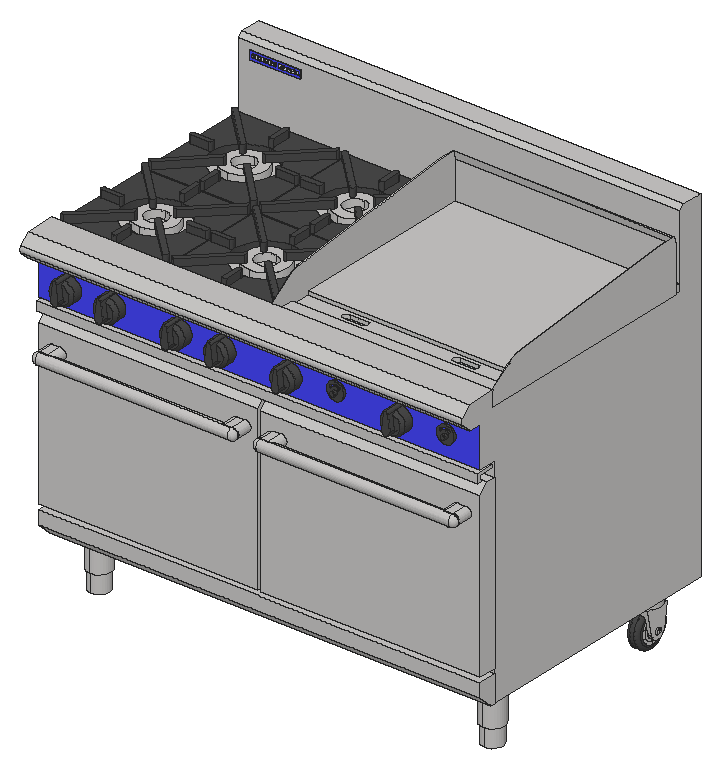
Revit family "QF_MOFFAT_BLUESEAL_CE_G528B", category Specialty Equipment, Revit 2012
Parameters
  Width = 1200 mm
  Weight in Pounds = 664  # constant formula
  URL Cutsheet = "www.moffat.com"
  URL = "www.moffat.com"
  Type Mark [instance] = ""
  Status [instance] = ""
  Specification by User [instance] = ""
  Specification by Manufacturer = ""
  Show Logo [instance] = yes
  Show Clearance [instance] = yes
  Show Casters [instance] = yes
  Serial Number = ""
  Seismic Rating = ""
  SMACNA No = ""
  Revision Code [instance] = ""
  Omniclass Number and Title = ""
  NAFEM Spec ID Number = ""
  Model = "G528B"
  Mechanical Remarks = ""
  Mechanical Connection Type [instance] = ""
  Masterspec = ""
  Manufacturer = "MOFFAT BLUESEAL"
  Legs [instance] = not(Show Casters)  # no
  Item Number [instance] = ""
  Installed By [instance] = ""
  Identify Quantity as Lot [instance] = yes
  Height = 970 mm
  Gas Size = 3/4"
  Gas RI Height [instance] = 0 mm
  Gas KW [instance] = 53.2
  Gas Input [instance] = 181500.0 Btu/h
  Gas Connection Height = 0 mm
  Furnished By [instance] = ""
  Foodservice Equipment Identifier [instance] = yes
  Description = "1200MM GAS RANGE WITH DOUBLE STATIC OVENS"
  Depth = 812 mm
  CSI MasterFormat = ""
  CSI Master Format = ""
  Body Finish = QF_Finishes_Stainless Steel
Reference planes
  plane 1 "BACK": y = 0
  plane 2: z = 0
  plane 3 "LEFT": x = 0
  plane 4 "RIGHT": x = 1200
  plane 5 "FRONT": y = -812
  plane 6 "TOP": z = 970
  plane 7 "Center Y": x = 600
  plane 8 "Center X": y = -406
  plane 9: y = -805
  plane 10: y = -32
  plane 11: z = 655
  plane 12: z = 1085
  plane 13: y = -100
  plane 14: y = -625
  plane 15: x = 1134.5
  plane 16: x = 65.5
Forms (mm)
  Extrusion 1, solid, material "QF_Finishes_Stainless Steel" <- "Body Finish"
    sketch origin (0, 0, 0) x (0, 1, 0) y (0, 0, 1)
      loop
        line (0, 150) -> (0, 1085) -> (-57.5, 1085) -> (-70, 1072.5) -> (-70, 875) -> (-705, 875) -> (-705, 915) -> (-783.97, 915) -> (-808.485, 890.485)
        arc (-808.485, 890.485) -> (-811.999, 882) -> (-808.485, 873.515) r 12
        line (-808.485, 873.515) -> (-784.97, 850) -> (-749, 850) -> (-749, 740) -> (-699, 740) -> (-699, 150) -> (0, 150)
      loop
        line (-756, 710) -> (-747.224, 710) -> (-749.613, 726.999) -> (-707.93, 726.999) -> (-707.93, 734.003) -> (-756, 734.003) -> (-756, 710)
      loop
        line (-749, 186) -> (-713, 150) -> (-700, 150) -> (-700, 222.5) -> (-749, 222.5) -> (-749, 186)
    from 0 to 1200
  Extrusion 2, solid, material "QF_Finishes_Stainless Steel"
    sketch origin (0, 0, 0) x (0, 1, 0) y (0, 0, 1)
      loop
        line (-749, 676) -> (-749, 235) -> (-700, 235) -> (-700, 700) -> (-725, 700) -> (-749, 676)
    from 0 to 1200
  Revolve 3, solid, material "QF_Finishes_Stainless Steel" <- "Body Finish"
    sketch origin (1134.5, -696.126, 0) x (0, 1, 0) y (0, 0, -1)
      loop
        line (39.376, -150) -> (71.126, -150) -> (71.126, 0) -> (43.626, 0) -> (43.626, -50) -> (39.376, -50) -> (39.376, -150)
      axis (71.126, -150) -> (71.126, 0)
    angle from 0 to 360
  Revolve 4, solid, material "QF_Finishes_Stainless Steel" <- "Body Finish"
    sketch origin (65.5, -696.126, 0) x (0, 1, 0) y (0, 0, 1)
      loop
        line (39.376, 150) -> (39.376, 50) -> (43.626, 50) -> (43.626, 0) -> (71.126, 0) -> (71.126, 150) -> (39.376, 150)
      axis (71.126, 150) -> (71.126, 0)
    angle from 0 to 360
  Extrusion 5, solid, material "QF_Finishes_Stainless Steel"
    sketch origin (-64.5, 0, 325) x (1, 0, 0) y (0, 1, 0)
      loop
        circle (1134.5, -34) r 10
    from 330 to 374.856
  Revolve 6, solid, material "QF_Finishes_Black"
    sketch origin (90.337, 45.874, -0.078) x (0, 1, 0) y (0, 0, -1)
      loop
        line (-827.874, -829.5) -> (-804.874, -829.5) -> (-804.874, -802) -> (-794.874, -802) -> (-794.874, -797) -> (-838.874, -797) -> (-838.874, -823.651) -> (-827.874, -829.5)
      axis (-838.874, -797) -> (-794.874, -797)
    angle from 0 to 360
  Revolve 7, solid, material "QF_Finishes_Black"
    sketch origin (210.649, 45.874, -0.078) x (0, 1, 0) y (0, 0, -1)
      loop
        line (-827.874, -829.5) -> (-804.874, -829.5) -> (-804.874, -802) -> (-794.874, -802) -> (-794.874, -797) -> (-838.874, -797) -> (-838.874, -823.651) -> (-827.874, -829.5)
      axis (-838.874, -797) -> (-794.874, -797)
    angle from 0 to 360
  Extrusion 8, solid, material "QF_Finishes_Black"
    sketch origin (238.144, 0, -0.078) x (-1, 0, 0) y (0, 0, -1)
      loop
        line (137.724, -786.273) -> (143.145, -829.191)
        arc (143.145, -829.191) -> (148.144, -834.078) -> (153.142, -829.191) r 5
        line (153.142, -829.191) -> (158.631, -785.106)
        arc (158.631, -785.106) -> (147.559, -774.607) -> (137.724, -786.273) r 10.487
    from 759 to 808
  Extrusion 9, void
    sketch origin (0, -756, 676) x (0, 0, 1) y (1, 0, 0)
      loop
        line (24, 595.449) -> (24, 604.551) -> (-453.5, 604.551) -> (-453.5, 595.449) -> (24, 595.449)
    from 0 to 51
  Revolve 10, solid, material "QF_Finishes_Black"
    sketch origin (390.649, 45.874, -0.078) x (0, 1, 0) y (0, 0, -1)
      loop
        line (-827.874, -829.5) -> (-804.874, -829.5) -> (-804.874, -802) -> (-794.874, -802) -> (-794.874, -797) -> (-838.874, -797) -> (-838.874, -823.651) -> (-827.874, -829.5)
      axis (-838.874, -797) -> (-794.874, -797)
    angle from 0 to 360
  Revolve 11, solid, material "QF_Finishes_Black"
    sketch origin (510.625, 45.874, -0.078) x (0, 1, 0) y (0, 0, -1)
      loop
        line (-827.874, -829.5) -> (-804.874, -829.5) -> (-804.874, -802) -> (-794.874, -802) -> (-794.874, -797) -> (-838.874, -797) -> (-838.874, -823.651) -> (-827.874, -829.5)
      axis (-838.874, -797) -> (-794.874, -797)
    angle from 0 to 360
  Revolve 12, solid, material "QF_Finishes_Black"
    sketch origin (690.649, 45.874, -0.078) x (0, 1, 0) y (0, 0, -1)
      loop
        line (-827.874, -829.5) -> (-804.874, -829.5) -> (-804.874, -802) -> (-794.874, -802) -> (-794.874, -797) -> (-838.874, -797) -> (-838.874, -823.651) -> (-827.874, -829.5)
      axis (-838.874, -797) -> (-794.874, -797)
    angle from 0 to 360
  Revolve 13, solid, material "QF_Finishes_Black"
    sketch origin (990.649, 45.874, -0.078) x (0, 1, 0) y (0, 0, -1)
      loop
        line (-827.874, -829.5) -> (-804.874, -829.5) -> (-804.874, -802) -> (-794.874, -802) -> (-794.874, -797) -> (-838.874, -797) -> (-838.874, -823.651) -> (-827.874, -829.5)
      axis (-838.874, -797) -> (-794.874, -797)
    angle from 0 to 360
  Extrusion 14, solid, material "QF_Door-Drawer Clearances", visible <- "Show Clearance", detail levels coarse
    sketch origin (762.865, 0, 0) x (0, 1, 0) y (0, 0, 1)
      loop
        arc (-756, 697.347) -> (-1088.232, 559.732) -> (-1225.847, 227.5) r 469.847
        line (-1225.847, 227.5) -> (-756, 227.5) -> (-756, 697.347)
    from -167.415 to -762.865
  Extrusion 15, solid, material "QF_Door-Drawer Clearances", visible <- "Show Clearance", detail levels coarse
    sketch origin (437.135, 0, 0) x (0, 1, 0) y (0, 0, -1)
      loop
        line (-756, -697.347) -> (-756, -227.5) -> (-1225.847, -227.5)
        arc (-1225.847, -227.5) -> (-1088.232, -559.732) -> (-756, -697.347) r 469.847
    from -167.415 to -762.865
  Extrusion 16, void
    sketch origin (0, 0, 150) x (-1, 0, 0) y (0, -1, 0)
      loop
        line (-1133.988, 87.26) -> (-1133.988, -30.24) -> (-1004.488, -30.24) -> (-1004.488, 38.76) -> (-1052.988, 87.26) -> (-1133.988, 87.26)
    from 72.5 to 549.856
  Extrusion 17, solid, material "QF_Finishes_Stainless Steel"
    sketch origin (0, -749, 227.5) x (0, 0, 1) y (-1, 0, 0)
      loop
        line (380.625, -38.246) -> (380.625, -58.528)
        arc (380.625, -58.528) -> (395.625, -73.528) -> (410.625, -58.528) r 15
        line (410.625, -58.528) -> (410.625, -38.246)
        arc (410.625, -38.246) -> (395.625, -23.246) -> (380.625, -38.246) r 15
      loop
        arc (380.625, -560.539) -> (395.625, -575.539) -> (410.625, -560.539) r 15
        line (410.625, -560.539) -> (410.625, -540.257)
        arc (410.625, -540.257) -> (395.625, -525.257) -> (380.625, -540.257) r 15
        line (380.625, -540.257) -> (380.625, -560.539)
    from 0 to 44
  Revolve 18, solid, material "QF_Finishes_Stainless Steel"
    sketch origin (0, -793, 0) x (1, 0, 0) y (0, 0, 1)
      loop
        arc (575.852, 623.125) -> (571.458, 633.732) -> (560.852, 638.125) r 15
        line (560.852, 638.125) -> (38.246, 638.125)
        arc (38.246, 638.125) -> (27.64, 633.732) -> (23.246, 623.125) r 15
        line (23.246, 623.125) -> (575.852, 623.125)
      axis (575.852, 623.125) -> (23.246, 623.125)
    angle from 0 to 360
  Extrusion 19, solid, material "QF_Finishes_Stainless Steel"
    sketch origin (600, -749, 227.5) x (0, 0, 1) y (-1, 0, 0)
      loop
        line (380.625, -38.246) -> (380.625, -58.528)
        arc (380.625, -58.528) -> (395.625, -73.528) -> (410.625, -58.528) r 15
        line (410.625, -58.528) -> (410.625, -38.246)
        arc (410.625, -38.246) -> (395.625, -23.246) -> (380.625, -38.246) r 15
      loop
        arc (380.625, -560.539) -> (395.625, -575.539) -> (410.625, -560.539) r 15
        line (410.625, -560.539) -> (410.625, -540.257)
        arc (410.625, -540.257) -> (395.625, -525.257) -> (380.625, -540.257) r 15
        line (380.625, -540.257) -> (380.625, -560.539)
    from 0 to 44
  Revolve 20, solid, material "QF_Finishes_Stainless Steel"
    sketch origin (600, -793, 0) x (1, 0, 0) y (0, 0, 1)
      loop
        arc (575.852, 623.125) -> (571.458, 633.732) -> (560.852, 638.125) r 15
        line (560.852, 638.125) -> (38.246, 638.125)
        arc (38.246, 638.125) -> (27.64, 633.732) -> (23.246, 623.125) r 15
        line (23.246, 623.125) -> (575.852, 623.125)
      axis (575.852, 623.125) -> (23.246, 623.125)
    angle from 0 to 360
  Revolve 21, solid, material "QF_Finishes_Stainless Steel", visible <- "Legs"
    sketch origin (65.5, -166, 0) x (0, 1, 0) y (0, 0, 1)
      loop
        line (34.25, 150) -> (34.25, 50) -> (38.5, 50) -> (38.5, 0) -> (66, 0) -> (66, 150) -> (34.25, 150)
      axis (66, 150) -> (66, 0)
    angle from 0 to 360
  Revolve 22, solid, material "QF_Finishes_Stainless Steel", visible <- "Show Casters"
    sketch origin (16.276, -100.755, -12.8) x (1, 0, 0) y (0, 0, 1)
      loop
        line (14.841, 63.604) -> (83.584, 63.604) -> (83.584, 67.109) -> (82.314, 68.379) -> (80.79, 68.379) -> (80.79, 71.826) -> (68.644, 71.826) -> (68.644, 81.79) -> (65.088, 83.843) -> (63.738, 92.179) -> (65.881, 92.179) -> (65.881, 98.529) -> (65.088, 98.529) -> (65.088, 104.879)
        arc (65.088, 104.879) -> (62.298, 111.614) -> (55.563, 114.404) r 9.525
        line (55.563, 114.404) -> (42.863, 114.404)
        arc (42.863, 114.404) -> (36.127, 111.614) -> (33.338, 104.879) r 9.525
        line (33.338, 104.879) -> (33.338, 98.529) -> (32.544, 98.529) -> (32.544, 92.179) -> (34.687, 92.179) -> (33.352, 83.932) -> (29.782, 81.871) -> (29.782, 71.826) -> (17.635, 71.826) -> (17.635, 68.379) -> (16.111, 68.379) -> (14.841, 67.109) -> (14.841, 63.604)
      axis (14.841, 63.604) -> (83.584, 63.604)
    angle from 0 to 360
  Extrusion 23, solid, material "QF_Finishes_Stainless Steel", visible <- "Show Casters"
    sketch origin (72.001, 132.353, -8.783) x (0, 1, 0) y (0, 0, 1)
      loop
        line (-200.603, 118.783) -> (-264.103, 118.783) -> (-251.746, 53.895)
        arc (-251.746, 53.895) -> (-232.353, 38.783) -> (-212.959, 53.895) r 20
        line (-212.959, 53.895) -> (-200.603, 118.783)
    from -35.667 to 22.923
  Revolve 24, solid, material "QF_Finishes_Stainless Steel", visible <- "Show Casters"
    sketch origin (65.5, -204, 0) x (0, 1, 0) y (0, 0, 1)
      loop
        line (68.25, 150) -> (68.25, 110) -> (104, 110) -> (104, 150) -> (68.25, 150)
      axis (104, 150) -> (104, 110)
    angle from 0 to 360
  Revolve 25, solid, material "QF_Finishes_Stainless Steel", visible <- "Legs"
    sketch origin (65.5, -166, 0) x (0, 1, 0) y (0, 0, 1)
      loop
        line (34.25, 150) -> (34.25, 50) -> (38.5, 50) -> (38.5, 0) -> (66, 0) -> (66, 150) -> (34.25, 150)
      axis (66, 150) -> (66, 0)
    angle from 0 to 360
  Revolve 26, solid, material "QF_Finishes_Stainless Steel", visible <- "Legs"
    sketch origin (1134.5, -166, 0) x (0, 1, 0) y (0, 0, -1)
      loop
        line (34.25, -150) -> (66, -150) -> (66, 0) -> (38.5, 0) -> (38.5, -50) -> (34.25, -50) -> (34.25, -150)
      axis (66, -150) -> (66, 0)
    angle from 0 to 360
  Revolve 27, solid, material "QF_Finishes_Stainless Steel", visible <- "Show Casters"
    sketch origin (1183.724, -100.755, -12.8) x (-1, 0, 0) y (0, 0, -1)
      loop
        line (14.841, -63.604) -> (14.841, -67.109) -> (16.111, -68.379) -> (17.635, -68.379) -> (17.635, -71.826) -> (29.782, -71.826) -> (29.782, -81.871) -> (33.352, -83.932) -> (34.687, -92.179) -> (32.544, -92.179) -> (32.544, -98.529) -> (33.338, -98.529) -> (33.338, -104.879)
        arc (33.338, -104.879) -> (36.127, -111.614) -> (42.863, -114.404) r 9.525
        line (42.863, -114.404) -> (55.563, -114.404)
        arc (55.563, -114.404) -> (62.298, -111.614) -> (65.088, -104.879) r 9.525
        line (65.088, -104.879) -> (65.088, -98.529) -> (65.881, -98.529) -> (65.881, -92.179) -> (63.738, -92.179) -> (65.088, -83.843) -> (68.644, -81.79) -> (68.644, -71.826) -> (80.79, -71.826) -> (80.79, -68.379) -> (82.314, -68.379) -> (83.584, -67.109) -> (83.584, -63.604) -> (14.841, -63.604)
      axis (14.841, -63.604) -> (83.584, -63.604)
    angle from 0 to 360
  Extrusion 28, solid, material "QF_Finishes_Stainless Steel", visible <- "Show Casters"
    sketch origin (1127.999, 132.353, -8.783) x (0, 1, 0) y (0, 0, -1)
      loop
        line (-200.603, -118.783) -> (-212.959, -53.895)
        arc (-212.959, -53.895) -> (-232.353, -38.783) -> (-251.746, -53.895) r 20
        line (-251.746, -53.895) -> (-264.103, -118.783) -> (-200.603, -118.783)
    from -35.667 to 22.923
  Revolve 29, solid, material "QF_Finishes_Stainless Steel", visible <- "Show Casters"
    sketch origin (1134.5, -204, 0) x (0, 1, 0) y (0, 0, -1)
      loop
        line (68.25, -150) -> (104, -150) -> (104, -110) -> (68.25, -110) -> (68.25, -150)
      axis (104, -150) -> (104, -110)
    angle from 0 to 360
  Revolve 30, solid, material "QF_Finishes_Stainless Steel", visible <- "Legs"
    sketch origin (1134.5, -166, 0) x (0, 1, 0) y (0, 0, -1)
      loop
        line (34.25, -150) -> (66, -150) -> (66, 0) -> (38.5, 0) -> (38.5, -50) -> (34.25, -50) -> (34.25, -150)
      axis (66, -150) -> (66, 0)
    angle from 0 to 360
  Extrusion 31, solid, material "QF_Finishes_Black"
    sketch origin (358.456, 0, -0.078) x (-1, 0, 0) y (0, 0, -1)
      loop
        line (137.724, -786.273) -> (143.145, -829.191)
        arc (143.145, -829.191) -> (148.144, -834.078) -> (153.142, -829.191) r 5
        line (153.142, -829.191) -> (158.631, -785.106)
        arc (158.631, -785.106) -> (147.559, -774.607) -> (137.724, -786.273) r 10.487
    from 759 to 808
  Extrusion 32, solid, material "QF_Finishes_Black"
    sketch origin (538.456, 0, -0.078) x (-1, 0, 0) y (0, 0, -1)
      loop
        line (137.724, -786.273) -> (143.145, -829.191)
        arc (143.145, -829.191) -> (148.144, -834.078) -> (153.142, -829.191) r 5
        line (153.142, -829.191) -> (158.631, -785.106)
        arc (158.631, -785.106) -> (147.559, -774.607) -> (137.724, -786.273) r 10.487
    from 759 to 808
  Extrusion 33, solid, material "QF_Finishes_Black"
    sketch origin (658.432, 0, -0.078) x (-1, 0, 0) y (0, 0, -1)
      loop
        line (137.724, -786.273) -> (143.145, -829.191)
        arc (143.145, -829.191) -> (148.144, -834.078) -> (153.142, -829.191) r 5
        line (153.142, -829.191) -> (158.631, -785.106)
        arc (158.631, -785.106) -> (147.559, -774.607) -> (137.724, -786.273) r 10.487
    from 759 to 808
  Extrusion 34, solid, material "QF_Finishes_Black"
    sketch origin (838.456, 0, -0.078) x (-1, 0, 0) y (0, 0, -1)
      loop
        line (137.724, -786.273) -> (143.145, -829.191)
        arc (143.145, -829.191) -> (148.144, -834.078) -> (153.142, -829.191) r 5
        line (153.142, -829.191) -> (158.631, -785.106)
        arc (158.631, -785.106) -> (147.559, -774.607) -> (137.724, -786.273) r 10.487
    from 759 to 808
  Extrusion 35, solid, material "QF_Finishes_Black"
    sketch origin (1138.456, 0, -0.078) x (-1, 0, 0) y (0, 0, -1)
      loop
        line (137.724, -786.273) -> (143.145, -829.191)
        arc (143.145, -829.191) -> (148.144, -834.078) -> (153.142, -829.191) r 5
        line (153.142, -829.191) -> (158.631, -785.106)
        arc (158.631, -785.106) -> (147.559, -774.607) -> (137.724, -786.273) r 10.487
    from 759 to 808
  Extrusion 36, solid, material "QF_Finishes_Black"
    sketch origin (0, -749, 850) x (0, 0, -1) y (1, 0, 0)
      loop
        circle (53, 810) r 23.9
      loop
        circle (53, 1110) r 23.9
      loop
        arc (45.641, 1118.419) -> (46.501, 1123.219) -> (41.701, 1124.079) r 3.448
        arc (41.701, 1124.079) -> (35.116, 1109.341) -> (42.919, 1095.209) r 18.095
        arc (42.919, 1095.209) -> (47.641, 1096.491) -> (46.326, 1101.204) r 3.448
        arc (46.326, 1101.204) -> (42.758, 1109.683) -> (45.641, 1118.419) r 13.109
      loop
        arc (45.641, 818.419) -> (46.501, 823.219) -> (41.701, 824.079) r 3.448
        arc (41.701, 824.079) -> (35.116, 809.341) -> (42.919, 795.209) r 18.095
        arc (42.919, 795.209) -> (47.641, 796.491) -> (46.326, 801.204) r 3.448
        arc (46.326, 801.204) -> (42.758, 809.683) -> (45.641, 818.419) r 13.109
    from 0 to 5
  Extrusion 37, solid, material "QF_Finishes_Black"
    sketch origin (0, -754, 850) x (0, 0, -1) y (1, 0, 0)
      loop
        circle (56.5, 810) r 5.75
      loop
        circle (56.5, 1110) r 5.75
    from 0 to 10
Cuts and joins
  Extrusion 9, Extrusion 16 cuts Extrusion 1
  Extrusion 9 cuts Extrusion 2
Lines and regions (mm)
  Split face 1
    outline origin (1200, 0, 1085) x (-1, 0, 0) y (0, -1, 0)
      loop
        arc (35.206, 45.385) -> (26.545, 40.385) -> (26.545, 30.385) r 10
        line (26.545, 30.385) -> (30.587, 23.385)
        arc (30.587, 23.385) -> (34.247, 19.725) -> (39.247, 18.385) r 10
        line (39.247, 18.385) -> (267.206, 18.385)
        arc (267.206, 18.385) -> (275.866, 23.385) -> (275.866, 33.385) r 10
        line (275.866, 33.385) -> (271.824, 40.385)
        arc (271.824, 40.385) -> (268.164, 44.045) -> (263.164, 45.385) r 10
        line (263.164, 45.385) -> (35.206, 45.385)
  Split face 2
    outline origin (1200, 0, 1085) x (-1, 0, 0) y (0, -1, 0)
      loop
        arc (335.206, 45.385) -> (326.545, 40.385) -> (326.545, 30.385) r 10
        line (326.545, 30.385) -> (330.587, 23.385)
        arc (330.587, 23.385) -> (334.247, 19.725) -> (339.247, 18.385) r 10
        line (339.247, 18.385) -> (567.206, 18.385)
        arc (567.206, 18.385) -> (575.866, 23.385) -> (575.866, 33.385) r 10
        line (575.866, 33.385) -> (571.824, 40.385)
        arc (571.824, 40.385) -> (568.164, 44.045) -> (563.164, 45.385) r 10
        line (563.164, 45.385) -> (335.206, 45.385)
  Split face 3
    outline origin (1200, 0, 1085) x (-1, 0, 0) y (0, -1, 0)
      loop
        arc (635.206, 45.385) -> (626.545, 40.385) -> (626.545, 30.385) r 10
        line (626.545, 30.385) -> (630.587, 23.385)
        arc (630.587, 23.385) -> (634.247, 19.725) -> (639.247, 18.385) r 10
        line (639.247, 18.385) -> (867.206, 18.385)
        arc (867.206, 18.385) -> (875.866, 23.385) -> (875.866, 33.385) r 10
        line (875.866, 33.385) -> (871.824, 40.385)
        arc (871.824, 40.385) -> (868.164, 44.045) -> (863.164, 45.385) r 10
        line (863.164, 45.385) -> (635.206, 45.385)
  Split face 4
    outline origin (1200, 0, 1085) x (-1, 0, 0) y (0, -1, 0)
      loop
        arc (935.206, 45.385) -> (926.545, 40.385) -> (926.545, 30.385) r 10
        line (926.545, 30.385) -> (930.587, 23.385)
        arc (930.587, 23.385) -> (934.247, 19.725) -> (939.247, 18.385) r 10
        line (939.247, 18.385) -> (1167.206, 18.385)
        arc (1167.206, 18.385) -> (1175.866, 23.385) -> (1175.866, 33.385) r 10
        line (1175.866, 33.385) -> (1171.824, 40.385)
        arc (1171.824, 40.385) -> (1168.164, 44.045) -> (1163.164, 45.385) r 10
        line (1163.164, 45.385) -> (935.206, 45.385)
  symbolic lines, style "QF_Door-Drawer Clearances", visible <- "Show Clearance"
    curve 1: line (0, -1225.847, 0) -> (595.449, -1225.847, 0)
    curve 2: line (595.449, -1225.847, 0) -> (595.449, -812, 0)
    curve 3: line (0, -1225.847, 0) -> (0, -812, 0)
    curve 4: line (1200, -1225.847, 0) -> (604.551, -1225.847, 0)
    curve 5: line (604.551, -1225.847, 0) -> (604.551, -812, 0)
    curve 6: line (1200, -1225.847, 0) -> (1200, -812, 0)
  symbolic lines, style "SpecialityEquipmentHiddenLines", visible <- "Show Casters"
    curve 7: line (78.456, -46.735, 0) -> (105.952, -62.61, 0)
    curve 8: line (27.656, -134.723, 0) -> (78.456, -46.735, 0)
    curve 9: line (55.152, -150.598, 0) -> (27.656, -134.723, 0)
    curve 10: line (105.952, -62.61, 0) -> (55.152, -150.598, 0)
    curve 11: line (1125.152, -150.598, 0) -> (1097.656, -134.723, 0)
    curve 12: line (1175.952, -62.61, 0) -> (1125.152, -150.598, 0)
    curve 13: line (1148.456, -46.735, 0) -> (1097.656, -134.723, 0)
    curve 14: line (1175.952, -62.61, 0) -> (1148.456, -46.735, 0)
  symbolic lines
    curve 15: line (32.794, -18.385, 0) -> (260.753, -18.385, 0)
    curve 16: arc (260.753, -18.385, 0) -> (265.753, -19.725, 0) -> (269.413, -23.385, 0) r 10
    curve 17: line (269.413, -23.385, 0) -> (273.455, -30.385, 0)
    curve 18: arc (273.455, -30.385, 0) -> (273.455, -40.385, 0) -> (264.794, -45.385, 0) r 10
    curve 19: line (264.794, -45.385, 0) -> (36.836, -45.385, 0)
    curve 20: arc (36.836, -45.385, 0) -> (31.836, -44.045, 0) -> (28.176, -40.385, 0) r 10
    curve 21: line (28.176, -40.385, 0) -> (24.134, -33.385, 0)
    curve 22: arc (24.134, -33.385, 0) -> (24.134, -23.385, 0) -> (32.794, -18.385, 0) r 10
    curve 23: line (332.794, -18.385, 0) -> (560.753, -18.385, 0)
    curve 24: arc (560.753, -18.385, 0) -> (565.753, -19.725, 0) -> (569.413, -23.385, 0) r 10
    curve 25: line (569.413, -23.385, 0) -> (573.455, -30.385, 0)
    curve 26: arc (573.455, -30.385, 0) -> (573.455, -40.385, 0) -> (564.794, -45.385, 0) r 10
    curve 27: line (564.794, -45.385, 0) -> (336.836, -45.385, 0)
    curve 28: arc (336.836, -45.385, 0) -> (331.836, -44.045, 0) -> (328.176, -40.385, 0) r 10
    curve 29: line (328.176, -40.385, 0) -> (324.134, -33.385, 0)
    curve 30: arc (324.134, -33.385, 0) -> (324.134, -23.385, 0) -> (332.794, -18.385, 0) r 10
    curve 31: line (860.753, -18.385, 0) -> (632.794, -18.385, 0)
    curve 32: arc (632.794, -18.385, 0) -> (624.134, -23.385, 0) -> (624.134, -33.385, 0) r 10
    curve 33: line (624.134, -33.385, 0) -> (628.176, -40.385, 0)
    curve 34: arc (628.176, -40.385, 0) -> (631.836, -44.045, 0) -> (636.836, -45.385, 0) r 10
    curve 35: line (636.836, -45.385, 0) -> (864.794, -45.385, 0)
    curve 36: arc (864.794, -45.385, 0) -> (873.455, -40.385, 0) -> (873.455, -30.385, 0) r 10
    curve 37: line (873.455, -30.385, 0) -> (869.413, -23.385, 0)
    curve 38: arc (869.413, -23.385, 0) -> (865.753, -19.725, 0) -> (860.753, -18.385, 0) r 10
    curve 39: line (1160.753, -18.385, 0) -> (932.794, -18.385, 0)
    curve 40: arc (932.794, -18.385, 0) -> (924.134, -23.385, 0) -> (924.134, -33.385, 0) r 10
    curve 41: line (924.134, -33.385, 0) -> (928.176, -40.385, 0)
    curve 42: arc (928.176, -40.385, 0) -> (931.836, -44.045, 0) -> (936.836, -45.385, 0) r 10
    curve 43: line (936.836, -45.385, 0) -> (1164.794, -45.385, 0)
    curve 44: arc (1164.794, -45.385, 0) -> (1173.455, -40.385, 0) -> (1173.455, -30.385, 0) r 10
    curve 45: line (1173.455, -30.385, 0) -> (1169.413, -23.385, 0)
    curve 46: arc (1169.413, -23.385, 0) -> (1165.753, -19.725, 0) -> (1160.753, -18.385, 0) r 10
    curve 47: line (0, -783.97, 0) -> (1200, -783.97, 0)
    curve 48: line (0, -812, 0) -> (1200, -812, 0)
    curve 49: line (1200, 0, 0) -> (0, 0, 0)
    curve 50: line (0, 0, 0) -> (0, -812, 0)
    curve 51: line (0, -57.5, 0) -> (1200, -57.5, 0)
    curve 52: line (0, -70, 0) -> (1200, -70, 0)
    curve 53: line (1200, -812, 0) -> (1200, 0, 0)
Dimensions and locks
  equal spacing: plane 3 "LEFT", plane 7 "Center Y", plane 4 "RIGHT"
  "Width": plane 3 "LEFT" to plane 4 "RIGHT"
  equal spacing: plane 5 "FRONT", plane 8 "Center X", plane 1 "BACK"
  "Depth": plane 5 "FRONT" to plane 1 "BACK"
  equal spacing: plane 4 "RIGHT", plane 7 "Center Y", plane 3 "LEFT"
  plane 4 "RIGHT" to plane 3 "LEFT" = 1200 mm
  "Height": plane 6 "TOP" to level
  plane 5 "FRONT" to plane 1 "BACK" = 812 mm
  plane 9 to plane 5 "FRONT" = 7 mm
  plane 6 "TOP" to plane 2 = 970 mm
  plane 12 to plane 2 = 1085 mm
  Extrusion 5 sketch curve to plane 4 "RIGHT" = 130 mm
  Extrusion 5 sketch curve to plane 1 "BACK" = 34 mm
  level to Extrusion 5 = 655 mm
  Revolve 22 sketch curve to Revolve 22 sketch curve = 50.8 mm
  Revolve 27 sketch curve to Revolve 27 sketch curve = 50.8 mm
  aligned and locked: level to plane 2
  aligned and locked: Extrusion 1 to plane 4 "RIGHT"
  aligned and locked: Extrusion 2 to plane 4 "RIGHT"
  aligned and locked: cut or joined group of Extrusion 2, Extrusion 9 to Extrusion 14
Automatic sketch dimensions
  Extrusion 1 sketch curve to plane 12 = 0 mm
  Extrusion 1 sketch curve to plane 1 "BACK" = 0 mm
  Extrusion 1 sketch curve to plane 10 = 25.5 mm
  plane 13 to Extrusion 1 sketch curve = 30 mm
  Extrusion 1 sketch curve to plane 14 = 74 mm
  Extrusion 1 sketch curve to Extrusion 1 sketch curve = 1 mm
  Extrusion 1 sketch curve to plane 14 = 80 mm
  Extrusion 1 sketch curve to Extrusion 1 sketch curve = 8.93 mm
  Extrusion 1 sketch curve to Extrusion 1 sketch curve = 13 mm
  Extrusion 1 sketch curve to Extrusion 1 sketch curve = 39.294 mm
  Extrusion 1 sketch curve to Extrusion 1 sketch curve = 36 mm  (x2)
  Extrusion 1 sketch curve to Extrusion 1 sketch curve = 44 mm
  Extrusion 1 sketch curve to Extrusion 1 sketch curve = 0.613 mm
  Extrusion 1 sketch curve to Extrusion 1 sketch curve = 8.776 mm
  plane 9 to Extrusion 1 sketch curve = 21.03 mm
  plane 9 to Extrusion 1 sketch curve = 20.03 mm
  plane 9 to Extrusion 1 sketch curve = 5.001 mm
  Extrusion 1 sketch curve to plane 9 = 3.485 mm  (x2)
  Extrusion 1 sketch curve to plane 12 = 12.5 mm
  Extrusion 1 sketch curve to plane 6 "TOP" = 55 mm
  Extrusion 1 sketch curve to Extrusion 1 sketch curve = 24.515 mm
  Extrusion 1 sketch curve to Extrusion 1 sketch curve = 8.485 mm
  Extrusion 1 sketch curve to Extrusion 1 sketch curve = 40 mm
  Extrusion 1 sketch curve to Extrusion 1 sketch curve = 25 mm
  plane 11 to Extrusion 1 sketch curve = 85 mm
  Extrusion 1 sketch curve to Extrusion 1 sketch curve = 5.997 mm
  Extrusion 1 sketch curve to Extrusion 1 sketch curve = 7.004 mm
  Extrusion 1 sketch curve to Extrusion 1 sketch curve = 16.999 mm
  level to Extrusion 1 sketch curve = 222.5 mm
  Extrusion 1 sketch curve to Extrusion 1 sketch curve = 36.5 mm
  Extrusion 1 sketch curve to Extrusion 1 sketch curve = 0 mm
  plane 11 to Extrusion 2 sketch curve = 21 mm
  plane 9 to Extrusion 2 sketch curve = 56 mm
  Extrusion 2 sketch curve to Extrusion 2 sketch curve = 24 mm  (x2)
  Extrusion 2 sketch curve to Extrusion 2 sketch curve = 25 mm
  level to Extrusion 2 sketch curve = 235 mm
  Revolve 3 sketch curve to level = 0 mm
  Revolve 3 sketch curve to plane 14 = 0 mm  (x2)
  Revolve 3 sketch curve to Revolve 3 sketch curve = 27.5 mm
  Revolve 3 sketch curve to Revolve 3 sketch curve = 31.75 mm
  level to Revolve 3 sketch curve = 50 mm
  Revolve 3 sketch curve to Revolve 3 sketch curve = 0 mm
  Revolve 3 sketch curve to Revolve 3 sketch curve = 100 mm
  Revolve 3 sketch curve to Revolve 3 sketch curve = 55 mm
  Revolve 4 sketch curve to level = 0 mm
  Revolve 4 sketch curve to plane 14 = 0 mm  (x2)
  Revolve 4 sketch curve to Revolve 4 sketch curve = 27.5 mm
  Revolve 4 sketch curve to Revolve 4 sketch curve = 31.75 mm
  Revolve 4 sketch curve to level = 55 mm
  Revolve 4 sketch curve to Revolve 4 sketch curve = 50 mm
  Revolve 4 sketch curve to Revolve 4 sketch curve = 0 mm
  Revolve 4 sketch curve to Revolve 4 sketch curve = 100 mm
  plane 9 to Revolve 6 sketch curve = 12 mm
  Revolve 6 sketch curve to Revolve 6 sketch curve = 0 mm  (x2)
  Revolve 6 sketch curve to Revolve 6 sketch curve = 11 mm
  Revolve 6 sketch curve to Revolve 6 sketch curve = 12.7 mm
  Revolve 6 sketch curve to Revolve 6 sketch curve = 23 mm
  Revolve 6 sketch curve to Revolve 6 sketch curve = 10 mm
  Revolve 6 sketch curve to plane 6 "TOP" = 140.578 mm
  Revolve 6 sketch curve to Revolve 6 sketch curve = 5.849 mm
  Revolve 6 sketch curve to Revolve 6 sketch curve = 27.5 mm
  Revolve 6 sketch curve to Revolve 6 sketch curve = 5 mm
  plane 9 to Revolve 7 sketch curve = 12 mm
  Revolve 7 sketch curve to Revolve 7 sketch curve = 0 mm  (x2)
  Revolve 7 sketch curve to Revolve 7 sketch curve = 11 mm
  Revolve 7 sketch curve to Revolve 7 sketch curve = 12.7 mm
  Revolve 7 sketch curve to Revolve 7 sketch curve = 23 mm
  Revolve 7 sketch curve to Revolve 7 sketch curve = 10 mm
  Revolve 7 sketch curve to plane 6 "TOP" = 140.578 mm
  Revolve 7 sketch curve to Revolve 7 sketch curve = 5.849 mm
  Revolve 7 sketch curve to Revolve 7 sketch curve = 27.5 mm
  Revolve 7 sketch curve to Revolve 7 sketch curve = 5 mm
  plane 16 to Extrusion 8 sketch curve = 34.919 mm
  plane 16 to Extrusion 8 sketch curve = 29.499 mm
  Extrusion 8 sketch curve to Extrusion 8 sketch curve = 10.419 mm
  Extrusion 8 sketch curve to Extrusion 8 sketch curve = 4.999 mm  (x2)
  Extrusion 8 sketch curve to Extrusion 8 sketch curve = 10.487 mm
  Extrusion 8 sketch curve to plane 6 "TOP" = 140.887 mm
  Extrusion 8 sketch curve to Extrusion 8 sketch curve = 0.113 mm
  Extrusion 8 sketch curve to Extrusion 8 sketch curve = 42.919 mm
  Extrusion 8 sketch curve to Extrusion 8 sketch curve = 1.167 mm
  plane 7 "Center Y" to Extrusion 9 sketch curve = 4.551 mm
  level to Extrusion 9 sketch curve = 222.5 mm
  plane 11 to Extrusion 9 sketch curve = 45 mm
  Extrusion 9 sketch curve to plane 7 "Center Y" = 4.551 mm
  plane 9 to Revolve 10 sketch curve = 12 mm
  Revolve 10 sketch curve to Revolve 10 sketch curve = 0 mm  (x2)
  Revolve 10 sketch curve to Revolve 10 sketch curve = 11 mm
  Revolve 10 sketch curve to Revolve 10 sketch curve = 12.7 mm
  Revolve 10 sketch curve to Revolve 10 sketch curve = 23 mm
  Revolve 10 sketch curve to Revolve 10 sketch curve = 10 mm
  Revolve 10 sketch curve to plane 6 "TOP" = 140.578 mm
  Revolve 10 sketch curve to Revolve 10 sketch curve = 5.849 mm
  Revolve 10 sketch curve to Revolve 10 sketch curve = 27.5 mm
  Revolve 10 sketch curve to Revolve 10 sketch curve = 5 mm
  plane 9 to Revolve 11 sketch curve = 12 mm
  Revolve 11 sketch curve to Revolve 11 sketch curve = 0 mm  (x2)
  Revolve 11 sketch curve to Revolve 11 sketch curve = 11 mm
  Revolve 11 sketch curve to Revolve 11 sketch curve = 12.7 mm
  Revolve 11 sketch curve to Revolve 11 sketch curve = 23 mm
  Revolve 11 sketch curve to Revolve 11 sketch curve = 10 mm
  Revolve 11 sketch curve to plane 6 "TOP" = 140.578 mm
  Revolve 11 sketch curve to Revolve 11 sketch curve = 5.849 mm
  Revolve 11 sketch curve to Revolve 11 sketch curve = 27.5 mm
  Revolve 11 sketch curve to Revolve 11 sketch curve = 5 mm
  plane 9 to Revolve 12 sketch curve = 12 mm
  Revolve 12 sketch curve to Revolve 12 sketch curve = 0 mm  (x2)
  Revolve 12 sketch curve to Revolve 12 sketch curve = 11 mm
  Revolve 12 sketch curve to Revolve 12 sketch curve = 12.7 mm
  Revolve 12 sketch curve to Revolve 12 sketch curve = 23 mm
  Revolve 12 sketch curve to Revolve 12 sketch curve = 10 mm
  Revolve 12 sketch curve to plane 6 "TOP" = 140.578 mm
  Revolve 12 sketch curve to Revolve 12 sketch curve = 5.849 mm
  Revolve 12 sketch curve to Revolve 12 sketch curve = 27.5 mm
  Revolve 12 sketch curve to Revolve 12 sketch curve = 5 mm
  plane 9 to Revolve 13 sketch curve = 12 mm
  Revolve 13 sketch curve to Revolve 13 sketch curve = 0 mm  (x2)
  Revolve 13 sketch curve to Revolve 13 sketch curve = 11 mm
  Revolve 13 sketch curve to Revolve 13 sketch curve = 12.7 mm
  Revolve 13 sketch curve to Revolve 13 sketch curve = 23 mm
  Revolve 13 sketch curve to Revolve 13 sketch curve = 10 mm
  Revolve 13 sketch curve to plane 6 "TOP" = 140.578 mm
  Revolve 13 sketch curve to Revolve 13 sketch curve = 5.849 mm
  Revolve 13 sketch curve to Revolve 13 sketch curve = 27.5 mm
  Revolve 13 sketch curve to Revolve 13 sketch curve = 5 mm
  plane 5 "FRONT" to Extrusion 14 sketch curve = 413.847 mm
  plane 9 to Extrusion 14 sketch curve = 49 mm
  level to Extrusion 14 sketch curve = 227.5 mm
  plane 5 "FRONT" to Extrusion 15 sketch curve = 413.847 mm
  plane 9 to Extrusion 15 sketch curve = 49 mm
  plane 11 to Extrusion 15 sketch curve = 42.347 mm
  Extrusion 16 sketch curve to plane 15 = 0.512 mm
  plane 13 to Extrusion 16 sketch curve = 12.74 mm
  Extrusion 16 sketch curve to Extrusion 16 sketch curve = 81 mm
  Extrusion 16 sketch curve to plane 10 = 6.76 mm
  Extrusion 16 sketch curve to Extrusion 16 sketch curve = 48.5 mm
  Extrusion 16 sketch curve to plane 1 "BACK" = 30.24 mm
  Extrusion 17 sketch curve to plane 16 = 6.972 mm
  Extrusion 17 sketch curve to plane 11 = 46.875 mm  (x2)
  Extrusion 17 sketch curve to Extrusion 17 sketch curve = 15 mm  (x2)
  Extrusion 17 sketch curve to plane 7 "Center Y" = 59.743 mm
  Extrusion 17 sketch curve to Extrusion 17 sketch curve = 20.282 mm  (x2)
  Revolve 18 sketch curve to plane 3 "LEFT" = 6.961 mm
  plane 3 "LEFT" to Revolve 18 sketch curve = 23.246 mm
  Revolve 18 sketch curve to plane 11 = 16.875 mm
  Revolve 18 sketch curve to Revolve 18 sketch curve = 15 mm
  Revolve 18 sketch curve to plane 7 "Center Y" = 39.148 mm
  Revolve 18 sketch curve to plane 7 "Center Y" = 11.961 mm
  Revolve 18 sketch curve to Revolve 18 sketch curve = 0 mm
  Extrusion 19 sketch curve to plane 11 = 46.875 mm  (x2)
  plane 15 to Extrusion 19 sketch curve = 5.757 mm
  Extrusion 19 sketch curve to Extrusion 19 sketch curve = 15 mm  (x2)
  Extrusion 19 sketch curve to Extrusion 19 sketch curve = 20.282 mm  (x2)
  plane 7 "Center Y" to Extrusion 19 sketch curve = 58.528 mm
  Revolve 20 sketch curve to plane 7 "Center Y" = 6.961 mm
  plane 7 "Center Y" to Revolve 20 sketch curve = 23.246 mm
  Revolve 20 sketch curve to plane 11 = 16.875 mm
  Revolve 20 sketch curve to Revolve 20 sketch curve = 15 mm
  plane 15 to Revolve 20 sketch curve = 26.352 mm
  plane 4 "RIGHT" to Revolve 20 sketch curve = 11.961 mm
  Revolve 20 sketch curve to Revolve 20 sketch curve = 0 mm
  Split face 1 sketch curve to cut or joined group of Extrusion 1, Extrusion 9, Extrusion 16 = 26.545 mm
  Split face 1 sketch curve to Split face 1 sketch curve = 4.041 mm  (x4)
  Split face 1 sketch curve to Split face 1 sketch curve = 8.66 mm  (x2)
  Split face 1 sketch curve to cut or joined group of Extrusion 1, Extrusion 9, Extrusion 16 = 22.115 mm
  Split face 1 sketch curve to Split face 1 sketch curve = 223.917 mm
  Split face 1 sketch curve to cut or joined group of Extrusion 1, Extrusion 9, Extrusion 16 = 17.115 mm
  Split face 1 sketch curve to Split face 1 sketch curve = 10 mm
  Split face 1 sketch curve to Split face 1 sketch curve = 7 mm  (x3)
  Split face 2 sketch curve to cut or joined group of Extrusion 1, Extrusion 9, Extrusion 16 = 27.115 mm
  Split face 2 sketch curve to cut or joined group of Extrusion 1, Extrusion 9, Extrusion 16 = 326.545 mm
  Split face 2 sketch curve to cut or joined group of Extrusion 1, Extrusion 9, Extrusion 16 = 23.385 mm
  Split face 2 sketch curve to Split face 2 sketch curve = 4.041 mm  (x4)
  Split face 2 sketch curve to Split face 2 sketch curve = 8.66 mm  (x2)
  Split face 2 sketch curve to cut or joined group of Extrusion 1, Extrusion 9, Extrusion 16 = 22.115 mm
  Split face 2 sketch curve to Split face 2 sketch curve = 223.917 mm
  Split face 2 sketch curve to cut or joined group of Extrusion 1, Extrusion 9, Extrusion 16 = 17.115 mm
  Split face 2 sketch curve to Split face 2 sketch curve = 17 mm
  Split face 2 sketch curve to Split face 2 sketch curve = 7 mm
  Split face 3 sketch curve to cut or joined group of Extrusion 1, Extrusion 9, Extrusion 16 = 27.115 mm
  Split face 3 sketch curve to cut or joined group of Extrusion 1, Extrusion 9, Extrusion 16 = 573.455 mm
  Split face 3 sketch curve to cut or joined group of Extrusion 1, Extrusion 9, Extrusion 16 = 23.385 mm
  Split face 3 sketch curve to Split face 3 sketch curve = 4.041 mm  (x3)
  Split face 3 sketch curve to Split face 3 sketch curve = 8.66 mm  (x3)
  Split face 3 sketch curve to cut or joined group of Extrusion 1, Extrusion 9, Extrusion 16 = 12.115 mm
  Split face 3 sketch curve to Split face 3 sketch curve = 223.917 mm
  Split face 3 sketch curve to cut or joined group of Extrusion 1, Extrusion 9, Extrusion 16 = 17.115 mm
  Split face 3 sketch curve to cut or joined group of Extrusion 1, Extrusion 9, Extrusion 16 = 24.115 mm
  Split face 3 sketch curve to Split face 3 sketch curve = 5 mm
  Split face 4 sketch curve to cut or joined group of Extrusion 1, Extrusion 9, Extrusion 16 = 27.115 mm
  Split face 4 sketch curve to cut or joined group of Extrusion 1, Extrusion 9, Extrusion 16 = 273.455 mm
  Split face 4 sketch curve to cut or joined group of Extrusion 1, Extrusion 9, Extrusion 16 = 23.385 mm
  Split face 4 sketch curve to Split face 4 sketch curve = 4.041 mm  (x4)
  Split face 4 sketch curve to Split face 4 sketch curve = 8.66 mm  (x2)
  Split face 4 sketch curve to cut or joined group of Extrusion 1, Extrusion 9, Extrusion 16 = 22.115 mm
  Split face 4 sketch curve to cut or joined group of Extrusion 1, Extrusion 9, Extrusion 16 = 36.836 mm
  Split face 4 sketch curve to Split face 4 sketch curve = 17 mm
  Split face 4 sketch curve to Split face 4 sketch curve = 7 mm  (x2)
  Revolve 21 sketch curve to level = 0 mm
  Revolve 21 sketch curve to plane 13 = 0 mm  (x2)
  Revolve 21 sketch curve to Revolve 21 sketch curve = 27.5 mm
  Revolve 21 sketch curve to Revolve 21 sketch curve = 31.75 mm
  Revolve 21 sketch curve to Revolve 21 sketch curve = 55 mm
  level to Revolve 21 sketch curve = 50 mm
  Revolve 21 sketch curve to Revolve 21 sketch curve = 0 mm
  Revolve 21 sketch curve to Revolve 21 sketch curve = 100 mm
  plane 3 "LEFT" to Revolve 22 sketch curve = 31.118 mm
  Revolve 22 sketch curve to Revolve 22 sketch curve = 1.27 mm  (x4)
  Revolve 22 sketch curve to Revolve 22 sketch curve = 1.524 mm  (x2)
  Revolve 22 sketch curve to Revolve 22 sketch curve = 12.146 mm  (x2)
  Revolve 22 sketch curve to plane 16 = 16.68 mm
  Revolve 22 sketch curve to Revolve 22 sketch curve = 0.794 mm  (x2)
  Revolve 22 sketch curve to Revolve 22 sketch curve = 3.57 mm
  Revolve 22 sketch curve to Revolve 22 sketch curve = 2.143 mm
  Revolve 22 sketch curve to plane 16 = 6.361 mm
  plane 16 to Revolve 22 sketch curve = 5.13 mm
  plane 16 to Revolve 22 sketch curve = 6.339 mm
  plane 16 to Revolve 22 sketch curve = 14.515 mm
  Revolve 22 sketch curve to Revolve 22 sketch curve = 1.349 mm  (x2)
  Revolve 22 sketch curve to Revolve 22 sketch curve = 3.556 mm
  Revolve 22 sketch curve to Revolve 22 sketch curve = 33.32 mm
  level to Revolve 22 sketch curve = 50.804 mm
  Revolve 22 sketch curve to Revolve 22 sketch curve = 0 mm
  Revolve 22 sketch curve to Revolve 22 sketch curve = 3.505 mm  (x2)
  Revolve 22 sketch curve to Revolve 22 sketch curve = 3.447 mm  (x2)
  Revolve 22 sketch curve to Revolve 22 sketch curve = 9.964 mm
  Revolve 22 sketch curve to Revolve 22 sketch curve = 10.045 mm
  Revolve 22 sketch curve to Revolve 22 sketch curve = 2.053 mm
  Revolve 22 sketch curve to Revolve 22 sketch curve = 2.061 mm
  Revolve 22 sketch curve to Revolve 22 sketch curve = 8.247 mm
  Revolve 22 sketch curve to Revolve 22 sketch curve = 8.336 mm
  Revolve 22 sketch curve to Revolve 22 sketch curve = 6.35 mm  (x2)
  Extrusion 23 sketch curve to plane 13 = 0 mm
  Extrusion 23 sketch curve to plane 13 = 19.393 mm
  Extrusion 23 sketch curve to plane 13 = 31.75 mm
  plane 13 to Extrusion 23 sketch curve = 19.393 mm
  plane 13 to Extrusion 23 sketch curve = 31.75 mm
  level to Extrusion 23 sketch curve = 45.111 mm
  Extrusion 23 sketch curve to Extrusion 23 sketch curve = 4.889 mm
  Extrusion 23 sketch curve to Extrusion 23 sketch curve = 64.889 mm
  Revolve 24 sketch curve to plane 13 = 0 mm  (x2)
  Revolve 24 sketch curve to Revolve 24 sketch curve = 35.75 mm
  Revolve 24 sketch curve to level = 55 mm
  level to Revolve 24 sketch curve = 50 mm
  Revolve 24 sketch curve to Revolve 24 sketch curve = 60 mm
  Revolve 24 sketch curve to Revolve 24 sketch curve = 40 mm
  Revolve 25 sketch curve to level = 0 mm
  Revolve 25 sketch curve to plane 13 = 0 mm  (x2)
  Revolve 25 sketch curve to Revolve 25 sketch curve = 27.5 mm
  Revolve 25 sketch curve to Revolve 25 sketch curve = 31.75 mm
  Revolve 25 sketch curve to Revolve 25 sketch curve = 55 mm
  level to Revolve 25 sketch curve = 50 mm
  Revolve 25 sketch curve to Revolve 25 sketch curve = 0 mm
  Revolve 25 sketch curve to Revolve 25 sketch curve = 100 mm
  Revolve 26 sketch curve to level = 0 mm
  Revolve 26 sketch curve to plane 13 = 0 mm  (x2)
  Revolve 26 sketch curve to Revolve 26 sketch curve = 27.5 mm
  Revolve 26 sketch curve to Revolve 26 sketch curve = 31.75 mm
  level to Revolve 26 sketch curve = 50 mm
  Revolve 26 sketch curve to Revolve 26 sketch curve = 0 mm
  Revolve 26 sketch curve to Revolve 26 sketch curve = 100 mm
  Revolve 26 sketch curve to Revolve 26 sketch curve = 55 mm
  plane 4 "RIGHT" to Revolve 27 sketch curve = 31.118 mm
  Revolve 27 sketch curve to Revolve 27 sketch curve = 1.27 mm  (x4)
  Revolve 27 sketch curve to Revolve 27 sketch curve = 1.524 mm  (x2)
  Revolve 27 sketch curve to Revolve 27 sketch curve = 12.146 mm  (x2)
  plane 15 to Revolve 27 sketch curve = 16.68 mm
  Revolve 27 sketch curve to Revolve 27 sketch curve = 0.794 mm  (x2)
  Revolve 27 sketch curve to Revolve 27 sketch curve = 3.57 mm
  Revolve 27 sketch curve to Revolve 27 sketch curve = 2.143 mm
  plane 15 to Revolve 27 sketch curve = 6.361 mm
  Revolve 27 sketch curve to plane 15 = 5.13 mm
  Revolve 27 sketch curve to plane 15 = 6.339 mm
  Revolve 27 sketch curve to plane 15 = 14.515 mm
  Revolve 27 sketch curve to Revolve 27 sketch curve = 1.349 mm  (x2)
  Revolve 27 sketch curve to Revolve 27 sketch curve = 3.556 mm
  Revolve 27 sketch curve to Revolve 27 sketch curve = 33.32 mm
  level to Revolve 27 sketch curve = 101.604 mm
  Revolve 27 sketch curve to Revolve 27 sketch curve = 6.35 mm  (x4)
  Revolve 27 sketch curve to Revolve 27 sketch curve = 8.247 mm
  Revolve 27 sketch curve to Revolve 27 sketch curve = 8.336 mm
  Revolve 27 sketch curve to Revolve 27 sketch curve = 2.061 mm
  Revolve 27 sketch curve to Revolve 27 sketch curve = 2.053 mm
  Revolve 27 sketch curve to Revolve 27 sketch curve = 10.045 mm
  Revolve 27 sketch curve to Revolve 27 sketch curve = 9.964 mm
  Revolve 27 sketch curve to Revolve 27 sketch curve = 3.447 mm  (x2)
  Revolve 27 sketch curve to Revolve 27 sketch curve = 3.505 mm
  Extrusion 28 sketch curve to plane 13 = 0 mm
  Extrusion 28 sketch curve to plane 13 = 19.393 mm
  Extrusion 28 sketch curve to plane 13 = 31.75 mm
  plane 13 to Extrusion 28 sketch curve = 19.393 mm
  plane 13 to Extrusion 28 sketch curve = 31.75 mm
  level to Extrusion 28 sketch curve = 110 mm
  level to Extrusion 28 sketch curve = 50 mm
  Extrusion 28 sketch curve to Extrusion 28 sketch curve = 4.889 mm
  Revolve 29 sketch curve to plane 13 = 0 mm  (x2)
  Revolve 29 sketch curve to Revolve 29 sketch curve = 35.75 mm
  level to Revolve 29 sketch curve = 150 mm
  Revolve 29 sketch curve to Revolve 29 sketch curve = 40 mm
  level to Revolve 29 sketch curve = 50 mm
  Revolve 29 sketch curve to level = 55 mm
  Revolve 30 sketch curve to level = 0 mm
  Revolve 30 sketch curve to plane 13 = 0 mm  (x2)
  Revolve 30 sketch curve to Revolve 30 sketch curve = 27.5 mm
  Revolve 30 sketch curve to Revolve 30 sketch curve = 31.75 mm
  level to Revolve 30 sketch curve = 50 mm
  Revolve 30 sketch curve to Revolve 30 sketch curve = 0 mm
  Revolve 30 sketch curve to Revolve 30 sketch curve = 100 mm
  Revolve 30 sketch curve to Revolve 30 sketch curve = 55 mm
  plane 16 to Extrusion 31 sketch curve = 155.232 mm
  Extrusion 31 sketch curve to Extrusion 31 sketch curve = 5.421 mm
  Extrusion 31 sketch curve to Extrusion 31 sketch curve = 10.419 mm
  Extrusion 31 sketch curve to Extrusion 31 sketch curve = 4.999 mm  (x2)
  Extrusion 31 sketch curve to Extrusion 31 sketch curve = 10.487 mm
  Extrusion 31 sketch curve to plane 6 "TOP" = 140.887 mm
  Extrusion 31 sketch curve to Extrusion 31 sketch curve = 0.113 mm
  Extrusion 31 sketch curve to Extrusion 31 sketch curve = 42.919 mm
  Extrusion 31 sketch curve to Extrusion 31 sketch curve = 1.167 mm
  Extrusion 32 sketch curve to plane 7 "Center Y" = 199.268 mm
  Extrusion 32 sketch curve to Extrusion 32 sketch curve = 5.421 mm
  Extrusion 32 sketch curve to Extrusion 32 sketch curve = 10.419 mm
  Extrusion 32 sketch curve to Extrusion 32 sketch curve = 4.999 mm  (x2)
  Extrusion 32 sketch curve to plane 6 "TOP" = 140.887 mm
  Extrusion 32 sketch curve to Extrusion 32 sketch curve = 10.487 mm
  Extrusion 32 sketch curve to Extrusion 32 sketch curve = 0.113 mm
  Extrusion 32 sketch curve to Extrusion 32 sketch curve = 42.919 mm
  Extrusion 32 sketch curve to Extrusion 32 sketch curve = 1.167 mm
  Extrusion 33 sketch curve to plane 7 "Center Y" = 79.293 mm
  Extrusion 33 sketch curve to Extrusion 33 sketch curve = 5.421 mm
  Extrusion 33 sketch curve to Extrusion 33 sketch curve = 10.419 mm
  Extrusion 33 sketch curve to Extrusion 33 sketch curve = 4.999 mm  (x2)
  Extrusion 33 sketch curve to Extrusion 33 sketch curve = 10.487 mm
  Extrusion 33 sketch curve to plane 6 "TOP" = 140.887 mm
  Extrusion 33 sketch curve to Extrusion 33 sketch curve = 0.113 mm
  Extrusion 33 sketch curve to Extrusion 33 sketch curve = 42.919 mm
  Extrusion 33 sketch curve to Extrusion 33 sketch curve = 1.167 mm
  plane 7 "Center Y" to Extrusion 34 sketch curve = 100.732 mm
  Extrusion 34 sketch curve to Extrusion 34 sketch curve = 5.421 mm
  Extrusion 34 sketch curve to Extrusion 34 sketch curve = 10.419 mm
  Extrusion 34 sketch curve to Extrusion 34 sketch curve = 4.999 mm  (x2)
  Extrusion 34 sketch curve to Extrusion 34 sketch curve = 10.487 mm
  Extrusion 34 sketch curve to plane 6 "TOP" = 140.887 mm
  Extrusion 34 sketch curve to Extrusion 34 sketch curve = 0.113 mm
  Extrusion 34 sketch curve to Extrusion 34 sketch curve = 42.919 mm
  Extrusion 34 sketch curve to Extrusion 34 sketch curve = 1.167 mm
  Extrusion 35 sketch curve to plane 15 = 133.768 mm
  Extrusion 35 sketch curve to Extrusion 35 sketch curve = 5.421 mm
  Extrusion 35 sketch curve to Extrusion 35 sketch curve = 10.419 mm
  Extrusion 35 sketch curve to Extrusion 35 sketch curve = 4.999 mm  (x2)
  Extrusion 35 sketch curve to plane 6 "TOP" = 140.887 mm
  Extrusion 35 sketch curve to Extrusion 35 sketch curve = 10.487 mm
  Extrusion 35 sketch curve to Extrusion 35 sketch curve = 0.113 mm
  Extrusion 35 sketch curve to Extrusion 35 sketch curve = 42.919 mm
  Extrusion 35 sketch curve to Extrusion 35 sketch curve = 1.167 mm
  plane 1 "BACK" to curve 50 = 0 mm
  curve 47 to plane 3 "LEFT" = 0 mm
  curve 47 to plane 4 "RIGHT" = 0 mm
  plane 5 "FRONT" to curve 50 = 0 mm
  curve 21 to plane 10 = 1.385 mm
  plane 3 "LEFT" to curve 21 = 24.134 mm
  plane 3 "LEFT" to curve 9 = 27.656 mm
  curve 22 to curve 20 = 4.041 mm
  plane 10 to curve 22 = 13.615 mm
  curve 22 to curve 22 = 8.66 mm
  curve 20 to curve 19 = 8.66 mm
  curve 10 to plane 16 = 10.348 mm
  plane 16 to curve 8 = 12.956 mm
  curve 7 to curve 16 = 154.801 mm
  curve 18 to plane 10 = 3.385 mm
  curve 16 to curve 18 = 4.041 mm  (x2)
  plane 10 to curve 16 = 8.615 mm
  curve 16 to curve 16 = 8.66 mm
  plane 10 to curve 18 = 1.615 mm
  curve 30 to plane 10 = 1.385 mm
  curve 17 to curve 30 = 50.679 mm
  curve 30 to curve 28 = 4.041 mm
  plane 10 to curve 30 = 3.615 mm
  curve 30 to curve 30 = 8.66 mm
  curve 28 to curve 27 = 8.66 mm
  plane 10 to curve 24 = 3.615 mm
  curve 24 to plane 7 "Center Y" = 39.247 mm
  curve 24 to curve 26 = 4.041 mm
  plane 10 to curve 25 = 8.615 mm
  plane 10 to curve 26 = 1.615 mm
  curve 25 to curve 26 = 4.041 mm
  curve 2 to plane 7 "Center Y" = 4.551 mm
  plane 7 "Center Y" to curve 4 = 4.551 mm
  curve 33 to plane 10 = 1.385 mm
  plane 7 "Center Y" to curve 33 = 24.134 mm
  curve 33 to plane 10 = 8.385 mm
  curve 33 to curve 33 = 4.041 mm
  plane 10 to curve 32 = 3.615 mm
  curve 32 to curve 32 = 8.66 mm
  curve 34 to plane 10 = 3.385 mm
  curve 32 to curve 34 = 4.041 mm
  plane 10 to curve 38 = 3.615 mm
  curve 34 to curve 38 = 223.917 mm
  curve 38 to curve 35 = 4.041 mm
  plane 10 to curve 37 = 8.615 mm
  plane 10 to curve 36 = 1.615 mm
  curve 38 to curve 36 = 4.041 mm
  curve 41 to plane 10 = 1.385 mm
  curve 37 to curve 41 = 50.679 mm
  curve 40 to curve 42 = 4.041 mm
  curve 40 to curve 40 = 8.66 mm
  curve 42 to curve 43 = 8.66 mm
  curve 11 to plane 15 = 36.844 mm
  curve 11 to plane 15 = 9.348 mm
  plane 15 to curve 13 = 13.956 mm
  plane 10 to curve 39 = 13.615 mm
  plane 15 to curve 39 = 26.253 mm
  curve 13 to curve 44 = 16.339 mm
  plane 10 to curve 45 = 8.615 mm
  curve 46 to curve 45 = 8.66 mm
  plane 10 to curve 45 = 1.615 mm
  curve 45 to curve 45 = 4.041 mm
  curve 4 to curve 5 = 413.847 mm
  curve 3 to curve 3 = 413.847 mm
  plane 9 to curve 47 = 21.03 mm
  curve 9 to plane 13 = 50.598 mm
  curve 11 to plane 13 = 50.598 mm
  curve 9 to curve 9 = 15.875 mm
  curve 11 to curve 11 = 15.875 mm
  curve 43 to plane 10 = 13.385 mm
  curve 27 to plane 10 = 13.385 mm
  curve 21 to curve 22 = 7 mm
  curve 42 to curve 40 = 7 mm
  curve 28 to curve 30 = 7 mm
  curve 51 to plane 10 = 25.5 mm
  curve 52 to curve 51 = 12.5 mm
  plane 11 to Extrusion 36 sketch curve = 153.299 mm  (x2)
  Extrusion 36 sketch curve to plane 15 = 10.421 mm
  Extrusion 36 sketch curve to Extrusion 36 sketch curve = 1.218 mm  (x2)
  Extrusion 36 sketch curve to Extrusion 36 sketch curve = 1.97 mm  (x4)
  Extrusion 36 sketch curve to Extrusion 36 sketch curve = 1.724 mm  (x2)
  Extrusion 36 sketch curve to Extrusion 36 sketch curve = 1.683 mm  (x2)
  Extrusion 36 sketch curve to Extrusion 36 sketch curve = 6.674 mm  (x2)
  Extrusion 36 sketch curve to Extrusion 36 sketch curve = 0.195 mm  (x2)
  Extrusion 36 sketch curve to Extrusion 36 sketch curve = 2.662 mm  (x2)
  Extrusion 36 sketch curve to Extrusion 36 sketch curve = 2.83 mm  (x2)
  Extrusion 36 sketch curve to Extrusion 36 sketch curve = 8.215 mm  (x2)
  Extrusion 36 sketch curve to Extrusion 36 sketch curve = 0.102 mm  (x2)
  Extrusion 36 sketch curve to Extrusion 36 sketch curve = 0.103 mm  (x2)
  plane 7 "Center Y" to Extrusion 36 sketch curve = 224.079 mm
  Extrusion 37 sketch curve to Extrusion 37 sketch curve = 0 mm
  Extrusion 37 sketch curve to Extrusion 37 sketch curve = 300 mm
  radius of Extrusion 5 sketch curve = 10 mm
  radius of Extrusion 36 sketch curve = 23.9 mm  (x2)
  radius of Extrusion 37 sketch curve = 5.75 mm  (x2)
Nested families
  nested 1: "WALDORF LOGO_FACE BASE" at (32, -70, 1055.859) x (1, 0, 0) z (0, -1, 0), visible <- "Show Logo", type "WALDORF LOGO_FACE BASE", detail levels medium+fine
    with Show Logo yes
  nested 2: "GAS BURNER 600 & GRIDDLE 600" at (0, -70, 875.195), type "GAS BURNER 600 & GRIDDLE 600"
    with Width 1200 mm, Type Mark "", Status "", Specification by User "", Revision Code "", Item Number "", Installed By "", Identify Quantity as Lot yes, Furnished By "", Foodservice Equipment Identifier yes, Depth 635 mm
Connectors
  piping at (1070, -34, 655)
    settings: on Extrusion 5, index 4, connector radius 3/8", flow factor 0, pipe flow 0 GPM, pressure drop 0.00 psi, fitting loss kfactor 0, connector angle 0.00°, fixture units 0, engagement length 0 mm, flow configuration 1, flow direction 1, fitting loss method 0, system type 7, joint type 0, gender type 0, connector reference index -1, connector utility 0, adjustable connector no, is connector primary yes, fitting loss table "", connector description "GAS CONNECTION"
Definition of nested family "WALDORF LOGO_FACE BASE"
  Parameters (values of type "WALDORF LOGO_FACE BASE")
    Show Logo [instance] = yes
    Default Elevation = 1219.2 mm
  Reference planes
    plane 1 "Center (Front/Back)": y = 0
    plane 2: z = 0
    plane 3 "Center (Left/Right)": x = 0
  Forms (mm)
    Extrusion 1, solid
      sketch origin (0, 0, 0) x (1, 0, 0) y (0, 1, 0)
        loop
          line (-1219.2, 1219.2) -> (-1219.2, -1219.2) -> (1219.2, -1219.2) -> (1219.2, 1219.2) -> (-1219.2, 1219.2)
      from 0 to -304.8
    Extrusion 2, solid, material "QF_Finishes_Blue", visible <- "Show Logo"
      sketch origin (0, -33.217, 0) x (1, 0, 0) y (0, 1, 0)
        loop
          arc (138, 31.942) -> (137.626, 32.844) -> (136.724, 33.217) r 1.276
          line (136.724, 33.217) -> (1.29, 33.217)
          arc (1.29, 33.217) -> (0.378, 32.839) -> (0, 31.927) r 1.29
          line (0, 31.927) -> (0, 11.507)
          arc (0, 11.507) -> (0.378, 10.595) -> (1.29, 10.217) r 1.29
          line (1.29, 10.217) -> (136.71, 10.217)
          arc (136.71, 10.217) -> (137.622, 10.595) -> (138, 11.507) r 1.29
          line (138, 11.507) -> (138, 31.942)
      from 0 to 1.588
    Extrusion 3, solid, material "QF_Finishes_White", visible <- "Show Logo"
      sketch origin (0, -33.217, 1.588) x (1, 0, 0) y (0, 1, 0)
        loop
          arc (108.946, 25.919) -> (107.613, 25.367) -> (107.061, 24.034) r 1.885
          line (107.061, 24.034) -> (107.061, 17.211) -> (112.704, 17.211) -> (112.704, 19.129) -> (115.546, 19.129) -> (115.546, 17.211) -> (121.584, 17.211) -> (121.584, 24.075)
          arc (121.584, 24.075) -> (121.043, 25.379) -> (119.739, 25.919) r 1.845
          line (119.739, 25.919) -> (108.946, 25.919)
        loop
          line (123.478, 25.919) -> (123.478, 17.163) -> (134.904, 17.163) -> (134.904, 19.129) -> (129.246, 19.129) -> (129.246, 25.919) -> (123.478, 25.919)
        loop
          line (112.704, 21.258) -> (115.546, 21.258) -> (115.546, 22.702)
          arc (115.546, 22.702) -> (115.344, 23.188) -> (114.858, 23.389) r 0.687
          line (114.858, 23.389) -> (113.363, 23.389)
          arc (113.363, 23.389) -> (112.897, 23.196) -> (112.704, 22.73) r 0.658
          line (112.704, 22.73) -> (112.704, 21.258)
        loop
          line (105.071, 25.919) -> (93.771, 25.919) -> (93.771, 17.163) -> (105.071, 17.163) -> (105.071, 19.063) -> (99.535, 19.063) -> (99.535, 20.437) -> (105.071, 20.437) -> (105.071, 22.278) -> (99.535, 22.278) -> (99.535, 23.587) -> (105.071, 23.587) -> (105.071, 25.919)
        loop
          line (91.104, 25.919) -> (79.541, 25.919)
          arc (79.541, 25.919) -> (78.558, 25.513) -> (78.152, 24.53) r 1.389
          line (78.152, 24.53) -> (78.152, 22.08)
          arc (78.152, 22.08) -> (78.558, 21.098) -> (79.541, 20.691) r 1.389
          line (79.541, 20.691) -> (86.346, 20.691) -> (86.346, 18.864) -> (83.266, 18.864) -> (83.266, 19.664) -> (78.152, 19.664) -> (78.152, 18.553)
          arc (78.152, 18.553) -> (78.558, 17.57) -> (79.541, 17.163) r 1.389
          line (79.541, 17.163) -> (91.063, 17.163)
